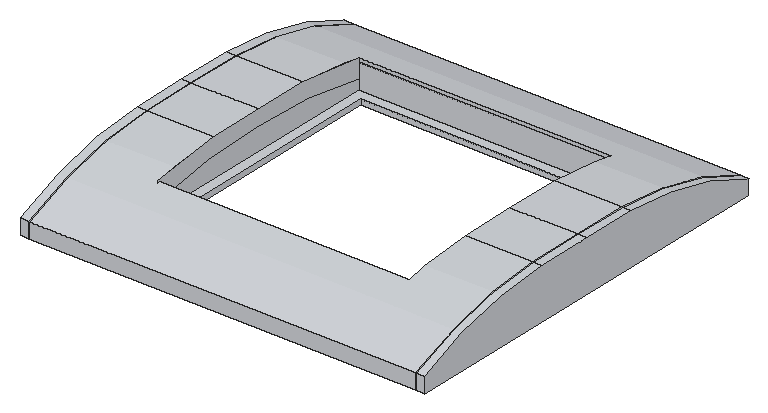
Revit family "Gira_100281", category Electrical Fixtures, host Face, Revit 2017
Family settings
  Host = Face
  Maintain Annotation Orientation = No
  Round Connector Dimension = Use Diameter
  Part Type = Normal
  Cut with Voids When Loaded = No
  Shared = No
  Room Calculation Point = No
Parameters (values of type "Abdeckrahmen 2f o.M. Zwischenr. F Alu Gira Event Anthrazit")
  Werkstoffgüte = "Thermoplast"
  Werkstoff = "Kunststoff"
  URL = "http://katalog.gira.de/de_DE/datenblatt.html?artikelnr=100281"
  Transparent = "No"
  Textfeld/Beschriftungsfläche = "No"
  Schutzart (IP) = "IP20"
  Region = "DE"
  Oberfläche = "sonstige"
  Name = "Abdeckrahmen 2f o.M. Zwischenr. F Alu Gira Event Anthrazit"
  Montagerichtung = "horizontal und vertikal"
  Mit Montagerahmen = "No"
  Mit Klappdeckel = "No"
  Manufacturer URL = "https://www.gira.de/"
  Keynote = "Event_Rahmen_2fach o.Mittelsteg"
  HeinzeBIM = "https://bimportal.heinze.de/bim/abdeckrahmen-2f-o-m-zwischenr-f-alu-gira-event-anthrazit/863c2bf1937ef15b5624af9dd6304ae02d736338"
  Halogenfrei = "Yes"
  HAN = "100281"
  Geeignet für Unterputz-Installation = "Yes"
  Geeignet für Unterflurkanaldose = "No"
  Geeignet für Geräteeinbaukanal = "No"
  Geeignet für Einbauinstallation = "No"
  GTIN = "4010337002819"
  Farbe = "anthrazit"
  Default Elevation = 1219.2 mm
  Data sheet (1) = "https://katalog.gira.de/de_DE/download.html?artikelnr=100281"
  Category = "Abdeckrahmen"
  Befestigungsart = "Klemmbefestigung"
  Available = "Yes"
  Anzahl der Einheiten vertikal = "2 "
  Anzahl der Einheiten horizontal = "2 "
  Anzahl der Einheiten = "2 "
Reference planes
  plane 1 "Center (Front/Back)": y = 0
  plane 2: z = 0
  plane 3 "Center (Left/Right)": x = 0
Forms (mm)
  Extrusion 1, solid, detail levels fine
    sketch origin (0, 0, 1.55) x (0, 1, 0) y (0, 0, 1)
      loop
        arc (12.445, 9.683) -> (6.223, 9.833) -> (0, 9.85) r 291.636
        arc (0, 9.85) -> (-6.223, 9.833) -> (-12.445, 9.683) r 291.636
        arc (-12.445, 9.683) -> (-29.14, 7.482) -> (-45, 1.823) r 79.728
        line (-45, 1.823) -> (-45, -1.55) -> (-41.777, -1.55) -> (-41.777, -0.55)
        arc (-41.777, -0.55) -> (-21.205, 4.846) -> (0, 6.467) r 118.15
        arc (0, 6.467) -> (21.205, 4.846) -> (41.777, -0.55) r 118.15
        line (41.777, -0.55) -> (41.777, -1.55) -> (45, -1.55) -> (45, 1.823)
        arc (45, 1.823) -> (29.14, 7.482) -> (12.445, 9.683) r 79.728
    from -43 to 43
  Extrusion 2, void, detail levels fine
    sketch origin (0, 0, 0) x (1, 0, 0) y (0, 1, 0)
      loop
        line (-28, -28) -> (28, -28) -> (28, 28) -> (-28, 28) -> (-28, -28)
    from 2.85 to 12
  Extrusion 3, solid, detail levels coarse
    sketch origin (0, 0, 0) x (1, 0, 0) y (0, 1, 0)
      loop
        line (-45, 45) -> (-45, -45) -> (45, -45) -> (45, 45) -> (-45, 45)
    from 0 to 11.4
  Extrusion 4, solid, detail levels medium
    sketch origin (0, 0, 1.55) x (0, 1, 0) y (0, 0, 1)
      loop
        arc (12.445, 9.683) -> (6.223, 9.833) -> (0, 9.85) r 291.636
        arc (0, 9.85) -> (-6.223, 9.833) -> (-12.445, 9.683) r 291.636
        arc (-12.445, 9.683) -> (-29.14, 7.482) -> (-45, 1.823) r 79.728
        line (-45, 1.823) -> (-45, -1.55) -> (45, -1.55) -> (45, 1.823)
        arc (45, 1.823) -> (29.14, 7.482) -> (12.445, 9.683) r 79.728
    from -45 to 45
  Extrusion 5, solid, detail levels fine
    sketch origin (0, 0, 0) x (0, 1, 0) y (0, 0, 1)
      loop
        arc (45, 3.373) -> (29.14, 9.032) -> (12.445, 11.233) r 79.728
        arc (12.445, 11.233) -> (6.223, 11.383) -> (0, 11.4) r 291.636
        arc (0, 11.4) -> (-6.223, 11.383) -> (-12.445, 11.233) r 291.636
        arc (-12.445, 11.233) -> (-29.14, 9.032) -> (-45, 3.373) r 79.728
        line (-45, 3.373) -> (-45, 0) -> (45, 0) -> (45, 3.373)
    from 43 to 45
  Extrusion 6, solid, detail levels fine
    sketch origin (0, 0, 0) x (0, 1, 0) y (0, 0, -1)
      loop
        line (45, -3.373) -> (45, 0) -> (-45, 0) -> (-45, -3.373)
        arc (-45, -3.373) -> (-29.14, -9.032) -> (-12.445, -11.233) r 79.728
        arc (-12.445, -11.233) -> (-6.223, -11.383) -> (0, -11.4) r 291.636
        arc (0, -11.4) -> (6.223, -11.383) -> (12.445, -11.233) r 291.636
        arc (12.445, -11.233) -> (29.14, -9.032) -> (45, -3.373) r 79.728
    from 43 to 45
  Extrusion 7, solid, detail levels fine
    sketch origin (0, 0, 0) x (1, 0, 0) y (0, 1, 0)
      loop
        line (-25.7, 25.7) -> (-25.7, -25.7) -> (25.7, -25.7) -> (25.7, 25.7) -> (-25.7, 25.7)
      loop
        line (-29.495, 27.895) -> (-29.495, -27.895)
        spline (-29.495, -27.895) -> (-29.486, -28.025) -> (-29.461, -28.154) -> (-29.419, -28.278) -> (-29.361, -28.395) -> (-29.288, -28.504) -> (-29.202, -28.602) -> (-29.104, -28.688) -> (-28.995, -28.761) -> (-28.878, -28.819) -> (-28.754, -28.861) -> (-28.625, -28.886) -> (-28.495, -28.895)
        line (-28.495, -28.895) -> (28.495, -28.895)
        spline (28.495, -28.895) -> (28.625, -28.886) -> (28.754, -28.861) -> (28.878, -28.819) -> (28.995, -28.761) -> (29.104, -28.688) -> (29.202, -28.602) -> (29.288, -28.504) -> (29.361, -28.395) -> (29.419, -28.278) -> (29.461, -28.154) -> (29.486, -28.025) -> (29.495, -27.895)
        line (29.495, -27.895) -> (29.495, 27.895)
        spline (29.495, 27.895) -> (29.486, 28.025) -> (29.461, 28.154) -> (29.419, 28.278) -> (29.361, 28.395) -> (29.288, 28.504) -> (29.202, 28.602) -> (29.104, 28.688) -> (28.995, 28.761) -> (28.878, 28.819) -> (28.754, 28.861) -> (28.625, 28.886) -> (28.495, 28.895)
        line (28.495, 28.895) -> (-28.495, 28.895)
        spline (-28.495, 28.895) -> (-28.625, 28.886) -> (-28.754, 28.861) -> (-28.878, 28.819) -> (-28.995, 28.761) -> (-29.104, 28.688) -> (-29.202, 28.602) -> (-29.288, 28.504) -> (-29.361, 28.395) -> (-29.419, 28.278) -> (-29.461, 28.154) -> (-29.486, 28.025) -> (-29.495, 27.895)
    from 1.673 to 8.5
Cuts and joins
  Extrusion 2 cuts Extrusion 1
  Extrusion 2 cuts Extrusion 7
Dimensions and locks
  aligned and locked: plane 2 to host face
  aligned and locked: level to host face
